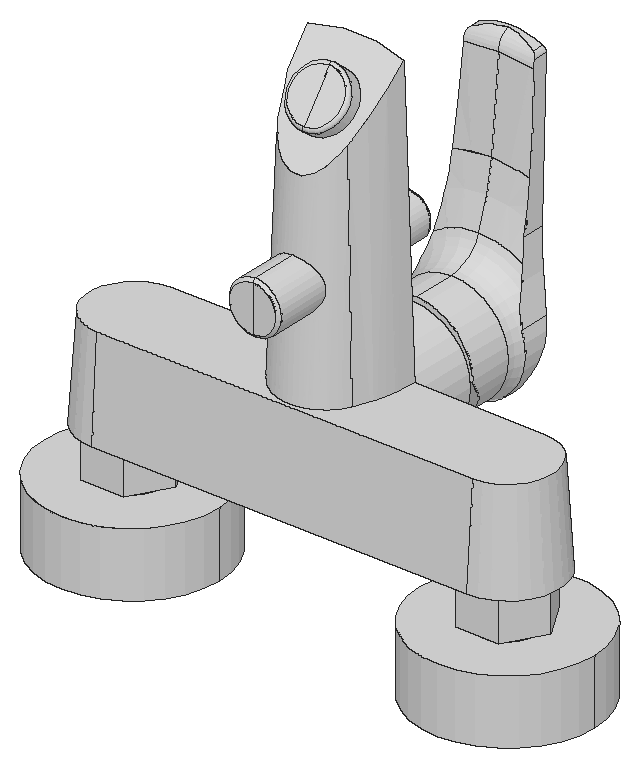
Revit family "Grohe_PlumbingFixtures_Eurosmart_SingleLeverBathMixer_33300003xxx", category Plumbing Fixtures, host Face, Revit 2018
Family settings
  Host = Face
  Round Connector Dimension = Use Diameter
  Part Type = Normal
  OmniClass Number = 23.65.00.00
  OmniClass Title = Supply and Distribution of Liquids and Gases
  Cut with Voids When Loaded = No
  Shared = No
  Room Calculation Point = No
Parameters (values of type "33300003")
  _ObjectUserGuide = "https://www.bimstore.co/products/grohe-eurosmart-single-lever-bath-mixer-1-2-33300003/document/object-user-guide"
  _DistributedBy = "www.bimstore.co"
  _CurrentRevision = 1
  _CreatedBy = "www.bimstore.co"
  _BimSpecGuid = 0
  _BSBibleVersion = 16
  _AuthorizedBy = "bimstore"
  _Author = "AM"
  Waste Connection = no
  WarrantyStartDate [instance] = "Please record on commissioning"
  WarrantyGuarantorParts = "info-uk@grohe.com"
  WarrantyGuarantorLabor = "info-uk@grohe.com"
  WarrantyDurationUnit = "Year"
  WarrantyDurationParts = "0"
  WarrantyDurationLabor = "0"
  WarrantyDescription = "n/a"
  WFU = 0
  Vent Connection = no
  URL = "https://www.grohe.co.uk/en_gb/"
  TypeName = Type Comments  # "Single-Lever Bath Mixer 1/2\""
  Type Comments = "Single-Lever Bath Mixer 1/2\""
  TPIDocumentLink = "n/a"
  SustainabilityReport = "green.grohe.com/reporting"
  SustainabilityAward = "green.grohe.com/awards"
  SpareParts = "n/a"
  Size = "n/a"
  Shape = "n/a"
  SerialNumber [instance] = "Please record on commissioning"
  ReplacementCost = "n/a"
  ReferencedStandard = "n/a"
  ProductionYear = "2021"
  ProductType = "n/a"
  ProductShortText = "n/a"
  ProductNumber = "n/a"
  ProductDescription = "n/a"
  PrimaryMaterial = Steel, Chrome Plated
  PQDiagramLink = "n/a"
  NominalLength = 0 mm
  NominalHeight = 0 mm
  NominalDepth = 0 mm
  NBSReference = "45-35-70/345"
  NBSOfficeMasterTag = "n/a"
  NBSObjectName = "Grohe - Mixer taps"
  NBSNote = ""
  NBSDescription = "Mixer taps"
  ModelReference = Type Comments  # "Single-Lever Bath Mixer 1/2\""
  ModelNumber = Model  # "33300003"
  Model = "33300003"
  Material = "n/a"
  ManufacturerName = "Grohe"
  Manufacturer = "Grohe"
  Keynote = "N13"
  InstallationVideo = "n/a"
  InstallationDate [instance] = "Please record on commissioning"
  IfcExportType = "IfcPipeFittingType"
  IfcExportAs = "IfcPipeFitting"
  HWFU = 0
  HW Connection = yes
  Grade = "n/a"
  GROHESustainability = "green.grohe.com"
  GROHESocialCommittment = "green.grohe.com/social_engagement"
  FullRecyclabilityOfPlastic = "All plastic components are fully recyclable"
  Finish = "n/a"
  Features = "Wall mounted; GROHE SilkMove 35 mm ceramic cartridge; adjustable flow rate limiter; with temperature limiter; GROHE StarLight chrome finish; automatic diverter: bath/shower; mousseur; integrated non-return valve in shower outlet; S-unions; metal wall escutcheons; protected against backflow."
  ExpectedLife = 0
  Ecojoy = no
  EFSE0002 = "0"
  EFNL0001 = "0"
  EFDE0022 = "Group II, <=30 dB(A)"
  EF025109 = "Polished"
  EF024919 = "0"
  EF023957 = "0"
  EF023688 = "Foam jet nozzle"
  EF023687 = "0"
  EF023686 = "0"
  EF022337 = "1/2 inch"
  EF022042 = "B"
  EF021855 = "0"
  EF021835 = 150 mm
  EF021808 = "2-hole"
  EF021035 = "0"
  EF020967 = "0"
  EF020805 = "0"
  EF020799 = "0"
  EF020791 = "Brass"
  EF020789 = 189 mm
  EF020785 = "1/2 inch"
  EF020781 = "Cartouche, ceramic"
  EF020780 = "Single-grip"
  EF020259 = "Downwards"
  EF020105 = no
  EF014591 = "0"
  EF014578 = "0"
  EF012753 = "22"
  EF011779 = "0"
  EF011775 = "EB"
  EF007955 = "0"
  EF002671 = "Chrome"
  EF002286 = "External thread"
  EF002149 = "0"
  EF000139 = "Chromium-plated"
  EF000003 = "Wall"
  DurationUnit = "Year"
  DocumentationTechnical = "https://www.bimstore.co/products/grohe-eurosmart-single-lever-bath-mixer-1-2-33300003/document/technical-data-sheet"
  DocumentationMaintenance = "https://www.bimstore.co/products/grohe-eurosmart-single-lever-bath-mixer-1-2-33300003/document/maintenance-information"
  DocumentationLiterature = "https://www.bimstore.co/products/grohe-eurosmart-single-lever-bath-mixer-1-2-33300003/document/product-literature"
  DocumentationInstallationGuide = "https://www.bimstore.co/products/grohe-eurosmart-single-lever-bath-mixer-1-2-33300003/document/installation-guide"
  DocumentationCertificates = "https://www.bimstore.co/products/grohe-eurosmart-single-lever-bath-mixer-1-2-33300003/document/product-certificates"
  DimensionsDocumentLink = "n/a"
  Description = "With tactile operation and an automatic diverter, our new GROHE Eurosmart bath mixer has clean, modern lines and reliable, comfortable performance."
  Default Elevation = 0 mm
  CreatedOn = "2021-07-27 T09:00:00"
  CreatedBy = "info-uk@grohe.com"
  CradleToCradleCertification = "n/a"
  Constituents = "n/a"
  Color = "Chrome"
  CodePerformance = "n/a"
  ClassificationValue = "Pr_40_20_87_55"
  ClassificationName = "Uniclass 2015"
  CWFU = 0
  CW Connection = yes
  CO2NeutralProduction = "GROHE is one of the first leading manufacturer within the sanitary industry having a CO2-neutral production."
  BarCode [instance] = "Please record on commissioning"
  BIMObjectName = "Grohe_PlumbingFixtures_Eurosmart_SingleLeverBathMixer_33300003"
  AssetType = "Fixed"
  AssetIdentifier [instance] = "Please record on commissioning"
  Assembly Code = "D2010"
  AccessibilityPerformance = "n/a"
Reference planes
  plane 1 "Center (Front/Back)": y = 0
  plane 2: z = 0
  plane 3 "Center (Left/Right)": x = 0
Forms (mm)
  Extrusion 1, solid, not visible
    sketch origin (0, 0, 0) x (1, 0, 0) y (0, 1, 0)
      loop
        circle (-75, 0) r 7.5
      loop
        circle (75, 0) r 7.5
    from 0 to 1
  Extrusion 2, solid, material "Steel, Chrome Plated" <- "PrimaryMaterial"
    sketch origin (-110, 0, 0) x (1, 0, 0) y (0, 1, 0)
      loop
        circle (35, 0) r 35
      loop
        circle (185, 0) r 35
    from 0 to 25.9
  Extrusion 3, solid, material "Steel, Chrome Plated" <- "PrimaryMaterial"
    sketch origin (0, 19.593, 71.895) x (1, 0, 0) y (0, 0, -1)
      loop
        arc (-13.919, -93.835) -> (-13.479, -95.215) -> (-12.393, -96.172) r 2.714
        arc (-12.393, -96.172) -> (0, -99.021) -> (12.393, -96.172) r 28.376
        arc (12.393, -96.172) -> (13.479, -95.215) -> (13.919, -93.835) r 2.714
        line (13.919, -93.835) -> (16.194, -35.097)
        arc (16.194, -35.097) -> (18.698, -21.273) -> (22.657, -7.793) r 131.978
        arc (22.657, -7.793) -> (-0.251, 24.573) -> (-23.159, -7.793) r 24.29
        arc (-23.159, -7.793) -> (-17.997, -26.9) -> (-15.75, -46.564) r 131.978
        line (-15.75, -46.564) -> (-13.919, -93.835)
    from 28.636 to 80.407
  Revolve 4, void
    sketch origin (0, 19.593, 71.895) x (0, 0, -1) y (0, 1, 0)
      loop
        line (-22.378, 28.636) -> (-22.378, 46.378)
        arc (-22.378, 46.378) -> (-24.952, 54.62) -> (-31.761, 59.932) r 14.481
        arc (-31.761, 59.932) -> (-43.73, 63.686) -> (-56.044, 66.083) r 112.395
        arc (-56.044, 66.083) -> (-74.038, 68.2) -> (-92.1, 69.622) r 469.873
        arc (-92.1, 69.622) -> (-97.02, 71.649) -> (-99.649, 76.276) r 8.174
        line (-99.649, 76.276) -> (-103.898, 76.276) -> (-103.898, 28.636) -> (-22.378, 28.636)
      axis (0, 76.276) -> (0, 28.636)
    angle from 0 to 360
  Extrusion 5, void
    sketch origin (0, 19.593, 71.895) x (0, 0, -1) y (0, 1, 0)
      loop
        line (34.354, 86.043) -> (-106.008, 86.043) -> (-106.008, 76.014) -> (-98.42, 76.014)
        arc (-98.42, 76.014) -> (-63.369, 74.464) -> (-28.591, 69.826) r 397.071
        arc (-28.591, 69.826) -> (3.638, 61.632) -> (34.354, 48.886) r 230.551
        line (34.354, 48.886) -> (34.354, 86.043)
      loop
        line (26.585, 45.002) -> (-3.485, 26.212) -> (26.585, 26.212) -> (26.585, 45.002)
    from -30 to 30
  Blend 6, solid, material "Steel, Chrome Plated" <- "PrimaryMaterial"
    base sketch origin (0, 0, 0) x (1, 0, 0) y (0, 1, 0)
      loop
        arc (-75, 18.658) -> (-92.72, 0.591) -> (-75, -17.476) r 18.07
        arc (-75, -17.476) -> (0, -18.202) -> (75, -17.476) r 3871.465
        arc (75, -17.476) -> (92.72, 0.591) -> (75, 18.658) r 18.07
        arc (75, 18.658) -> (0, 19.384) -> (-75, 18.658) r 3871.465
    top sketch origin (0, 0, 0) x (1, 0, 0) y (0, 1, 0)
      loop
        arc (-75, 21.436) -> (-95.304, 0.604) -> (-75, -20.227) r 20.838
        arc (-75, -20.227) -> (0, -21.189) -> (75, -20.227) r 2923.564
        arc (75, -20.227) -> (95.304, 0.604) -> (75, 21.436) r 20.838
        arc (75, 21.436) -> (0, 22.398) -> (-75, 21.436) r 2923.564
    from 84.531 to 44.373
  Blend 7, solid, material "Steel, Chrome Plated" <- "PrimaryMaterial"
    base sketch origin (0, 0, 0) x (1, 0, 0) y (0, 1, 0)
      loop
        arc (-17.562, -5.67) -> (0, -16.994) -> (17.562, -5.67) r 19.28
        arc (17.562, -5.67) -> (21.625, 6.631) -> (23, 19.512) r 61.024
        arc (23, 19.512) -> (0, 20.461) -> (-23, 19.512) r 279.279
        arc (-23, 19.512) -> (-21.625, 6.631) -> (-17.562, -5.67) r 61.024
    top sketch origin (0, 0, 0) x (1, 0, 0) y (0, 1, 0)
      loop
        arc (-12.906, -3.009) -> (0, -10.027) -> (12.906, -3.009) r 15.376
        arc (12.906, -3.009) -> (17.506, 6.993) -> (19.082, 17.888) r 38.442
        arc (19.082, 17.888) -> (0, 20.009) -> (-19.082, 17.888) r 86.907
        arc (-19.082, 17.888) -> (-17.506, 6.993) -> (-12.906, -3.009) r 38.442
    from 59.509 to 204.45
  Extrusion 8, void
    sketch origin (0, 0, 0) x (0, 1, 0) y (0, 0, 1)
      loop
        line (27.966, 207.771) -> (-18.963, 207.771) -> (-18.963, 153.783)
        arc (-18.963, 153.783) -> (2.119, 182.848) -> (27.966, 207.771) r 204.162
    from -30 to 30
  Revolve 9, solid, material "Steel, Chrome Plated" <- "PrimaryMaterial"
    sketch origin (0, 0, 0) x (0, 1, 0) y (0, 0, 1)
      loop
        line (12.584, 192.1) -> (6.767, 196.705)
        arc (6.767, 196.705) -> (5.759, 196.992) -> (4.842, 196.482) r 1.37
        line (4.842, 196.482) -> (-1.663, 188.265) -> (5.227, 182.809) -> (12.584, 192.1)
      axis (5.227, 182.809) -> (-1.663, 188.265)
    angle from 0 to 360
  Revolve 10, solid, material "Steel, Chrome Plated" <- "PrimaryMaterial"
    sketch origin (0, 0, 0) x (0, 1, 0) y (0, 0, 1)
      loop
        line (46.034, 47.559) -> (46.034, 49.877)
        arc (46.034, 49.877) -> (52.499, 52.742) -> (57.693, 57.542) r 21.6
        line (57.693, 57.542) -> (57.693, 70.792) -> (0, 70.792) -> (0, 47.559) -> (46.034, 47.559)
      axis (57.693, 70.792) -> (0, 70.792)
    angle from 0 to 360
  Extrusion 11, solid, material "Steel, Chrome Plated" <- "PrimaryMaterial"
    sketch origin (0, 0, 0) x (1, 0, 0) y (0, 1, 0)
      loop
        line (-83.66, 15) -> (-92.321, 0) -> (-83.66, -15) -> (-66.34, -15) -> (-57.679, 0) -> (-66.34, 15) -> (-83.66, 15)
      loop
        line (66.34, 15) -> (57.679, 0) -> (66.34, -15) -> (83.66, -15) -> (92.321, 0) -> (83.66, 15) -> (66.34, 15)
    from 27.31 to 43.31
  Revolve 12, solid, material "Steel, Chrome Plated" <- "PrimaryMaterial"
    sketch origin (-75, 34, 1219.2) x (0, 1, 0) y (0, 0, 1)
      loop
        line (-23.463, -1174.827) -> (-34, -1174.827) -> (-34, -1193.3) -> (-20.898, -1193.3) -> (-20.898, -1184.39) -> (-23.463, -1184.39) -> (-23.463, -1174.827)
      axis (-34, -1174.827) -> (-34, -1193.3)
    angle from 0 to 360
  Revolve 13, solid, material "Steel, Chrome Plated" <- "PrimaryMaterial"
    sketch origin (75, 34, 1219.2) x (0, 1, 0) y (0, 0, 1)
      loop
        line (-23.463, -1174.827) -> (-34, -1174.827) -> (-34, -1193.3) -> (-20.898, -1193.3) -> (-20.898, -1184.39) -> (-23.463, -1184.39) -> (-23.463, -1174.827)
      axis (-34, -1174.827) -> (-34, -1193.3)
    angle from 0 to 360
  Revolve 14, solid, material "Steel, Chrome Plated" <- "PrimaryMaterial"
    sketch origin (0, 0, 0) x (0, 1, 0) y (0, 0, 1)
      loop
        arc (26.242, 134.894) -> (25.52, 134.595) -> (25.221, 133.873) r 1.021
        line (25.221, 133.873) -> (25.221, 131.428) -> (-8.359, 131.428) -> (-8.359, 136.373) -> (-32.186, 136.373) -> (-33.359, 135.216) -> (-33.359, 125.91) -> (45.721, 125.91)
        spline (45.721, 125.91) -> (45.705, 127.082) -> (45.658, 128.235) -> (45.579, 129.348) -> (45.472, 130.402) -> (45.337, 131.379) -> (45.176, 132.263) -> (44.994, 133.038) -> (44.791, 133.691) -> (44.573, 134.211) -> (44.343, 134.588) -> (44.104, 134.818) -> (43.862, 134.894)
        line (43.862, 134.894) -> (26.242, 134.894)
      axis (45.721, 125.91) -> (-33.359, 125.91)
    angle from 0 to 360
Cuts and joins
  Extrusion 8 cuts Blend 7
  joined: Blend 7, Revolve 9, Revolve 14
  Revolve 4, Extrusion 5 cuts Extrusion 3
  joined: Extrusion 2, Extrusion 3, Blend 6, Revolve 10, Extrusion 11, Revolve 12, Revolve 13
Dimensions and locks
  aligned and locked: plane 2 to host face
  aligned and locked: level to host face
  aligned and locked: plane 1 "Center (Front/Back)" to Extrusion 1 sketch curve  (x2)
  aligned and locked: Extrusion 1 to level
  aligned and locked: plane 1 "Center (Front/Back)" to Extrusion 2 sketch curve  (x2)
  aligned and locked: Revolve 13 sketch curve to plane 1 "Center (Front/Back)"
Connectors
  piping at (75, 0, 0), diameter 15, driven by "CWFU"
    settings: on Extrusion 1, index 1, connector inside diameter 609.6 mm, connector length 0 mm, flow factor 0, pipe flow 0.0 L/s, pressure drop 0.0 Pa, fitting loss kfactor 0, connector angle 0.00°, fixture units 0, engagement length 0 mm, angle of deflection 0.00°, flow configuration 3, flow direction 1, fitting loss method 4, system type 20, joint type 0, gender type 0, connector reference index -1, connector utility 0, adjustable connector no, is connector primary yes, connector description ""
  piping at (-75, 0, 0), diameter 15, driven by "HWFU"
    settings: on Extrusion 1, index 2, connector inside diameter 609.6 mm, connector length 0 mm, flow factor 0, pipe flow 0.0 L/s, pressure drop 0.0 Pa, fitting loss kfactor 0, connector angle 0.00°, fixture units 0, engagement length 0 mm, angle of deflection 0.00°, flow configuration 3, flow direction 1, fitting loss method 4, system type 19, joint type 0, gender type 0, connector reference index -1, connector utility 0, adjustable connector no, is connector primary no, connector description ""
